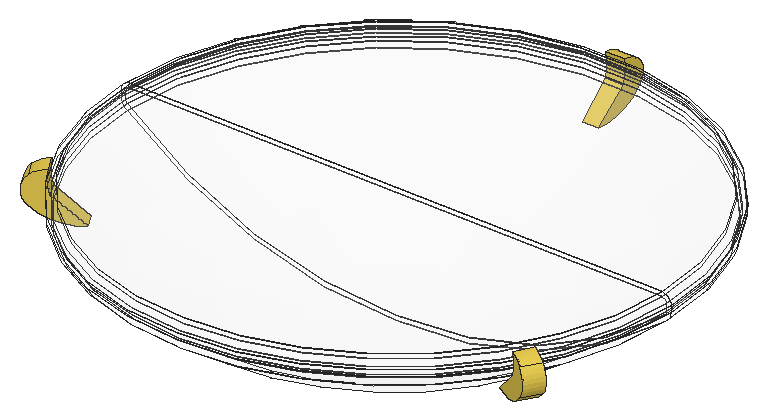
Revit family
Parameters (values of type "R300")
  Wattage = 80 W
  built-in parameter 1150110 = 1 (stored number, unit not read)
  built-in parameter 1114217 = 1 (stored number, unit not read)
  built-in parameter 1150109 = 1 (stored number, unit not read)
  built-in parameter 1150134 = 4
  built-in parameter 1150113 = 1 (stored number, unit not read)
  Manufacturer = ""
  built-in parameter 1150115 = 1 (stored number, unit not read)
  built-in parameter 1150105 = 305.58 (stored number, unit not read)
  Light Source Symbol Size = 609.6 mm
  built-in parameter 1150137 = (empty or 0)
  built-in parameter 1150139 = (empty or 0)
  built-in parameter 1150112 = 1 (stored number, unit not read)
  built-in parameter 1150114 = 1 (stored number, unit not read)
  Lamp = ""
  Model = ""
  Lumens = 960 lm
  Wattage Comments = "(4)20"
  반지름 = 300 mm
  조명 상자 재료1 = 흰색 유리
  built-in parameter 1150132 = (empty or 0)
  built-in parameter 1150102 = (empty or 0)
  built-in parameter 1150138 = (empty or 0)
  built-in parameter 1150107 = 2800 (stored number, unit not read)
  built-in parameter 1150106 = 3.0558 (stored number, unit not read)
  하드웨어 재료 = 황동 - 광택
  Emit from Circle Diameter = 2 * 반지름  # 600 mm
  Emit Shape Visible in Rendering = no
  built-in parameter 1150104 = 1.1148 (stored number, unit not read)
  Dimming Lamp Color Temperature Shift = (empty or 0)
  Color Filter = 16777215
  built-in parameter 1114218 = 1 (stored number, unit not read)
  built-in parameter 1150133 = 10 (stored number, unit not read)
Types (4, lengths in mm): name | 반지름 | Emit from Circle Diameter
  (no name) | 300 | 600
  R240 | 240 | 480
  R270 | 270 | 540
  R300 | 300 | 600
Reference planes
  plane 1 "광원 축": y = -54.666
  plane 2 "천장": z = 2438.4
  plane 3 "광원 축": x = -99.09
  plane 4 "조명원 높이값": z = 2378.4
  plane 5: through (83.122, 83.122, 0) normal (-0.7071, -0.7071, 0)
  plane 6: through (-236.878, -236.878, 0) normal (-0.7071, -0.7071, 0)
  plane 7: through (-182.212, 182.212, 0) normal (0.7071, -0.7071, 0)
  plane 8: through (137.788, -137.788, 0) normal (0.7071, -0.7071, 0)
  plane 9: z = 2424.4
Forms (mm)
  Revolve 1, solid, material "흰색 유리" <- "조명 상자 재료1"
    sketch origin (0, -54.666, 0) x (0, 0, -1) y (1, 0, 0)
      loop
        line (-2428.4, -399.09) -> (-2421.595, -399.09)
        arc (-2421.595, -399.09) -> (-2415.15, -397.379) -> (-2410.4, -392.698) r 13
        arc (-2410.4, -392.698) -> (-2333.676, -254.83) -> (-2308.4, -99.09) r 457.081
        line (-2308.4, -99.09) -> (-2313.401, -99.09)
        arc (-2313.401, -99.09) -> (-2339.258, -254.937) -> (-2417.16, -392.371) r 452.073
        arc (-2417.16, -392.371) -> (-2418.768, -393.638) -> (-2420.764, -394.09) r 4.639
        line (-2420.764, -394.09) -> (-2428.4, -394.09)
        arc (-2428.4, -394.09) -> (-2431.936, -392.625) -> (-2433.4, -389.09) r 5
        line (-2433.4, -389.09) -> (-2433.4, -99.09) -> (-2438.4, -99.09) -> (-2438.4, -389.09)
        arc (-2438.4, -389.09) -> (-2435.471, -396.161) -> (-2428.4, -399.09) r 10
      axis (-2438.4, -99.09) -> (-2308.4, -99.09)
    angle from 0 to 360
Lines and regions (mm)
  Opening 1
    outline origin (0, 0, 2438.4) x (1, 0, 0) y (0, 1, 0)
      loop
        circle (-99.09, -54.666) r 300
  sketch lines
    curve 1: line (-1623.09, 1469.334, 0) -> (1424.91, 1469.334, 0)
    curve 2: line (-1623.09, 1469.334, 0) -> (-1623.09, -1578.666, 0)
    curve 3: line (-1623.09, -1578.666, 0) -> (1424.91, -1578.666, 0)
    curve 4: line (1424.91, 1469.334, 0) -> (1424.91, -1578.666, 0)
  model lines
    curve 5: line (-311.222, 157.466, 2438.4) -> (-169.8, 16.045, 2438.4)
    curve 6: line (113.042, 157.466, 2438.4) -> (-28.379, 16.045, 2438.4)
    curve 7: arc (-181.957, 1.307, 2438.4) -> (-16.31, -110.769, 2438.4) -> (-181.781, 1.567, 2438.4) r 100
    curve 8: line (-28.379, -125.377, 2438.4) -> (113.042, -266.798, 2438.4)
    curve 9: arc (-399.09, -54.666, 2438.4) -> (-376.253, 60.139, 2438.4) -> (-311.222, 157.466, 2438.4) r 300
    curve 10: arc (200.91, -54.666, 2438.4) -> (178.074, -169.471, 2438.4) -> (113.042, -266.798, 2438.4) r 300
    curve 11: arc (-311.222, 157.466, 2438.4) -> (-99.09, 245.334, 2438.4) -> (113.042, 157.466, 2438.4) r 300
    curve 12: arc (113.042, 157.466, 2438.4) -> (178.074, 60.139, 2438.4) -> (200.91, -54.666, 2438.4) r 300
    curve 13: arc (-311.222, -266.798, 2438.4) -> (-376.253, -169.471, 2438.4) -> (-399.09, -54.666, 2438.4) r 300
    curve 14: arc (113.042, -266.798, 2438.4) -> (-99.09, -354.666, 2438.4) -> (-311.222, -266.798, 2438.4) r 300
    curve 15: line (-169.8, -125.377, 2438.4) -> (-311.222, -266.798, 2438.4)
Dimensions and locks
  equal spacing: curve 2, plane 3 "광원 축", curve 4
  equal spacing: curve 3, plane 1 "광원 축", curve 1
  curve 2 to curve 4 = 3048 mm
  curve 3 to curve 1 = 3048 mm
  equal spacing: plane 8, curve 6, plane 7
  equal spacing: plane 6, curve 5, plane 5
  equal spacing: plane 6, curve 8, plane 5
  equal spacing: plane 8, curve 15, plane 7
  "반지름": Revolve 1 sketch curve to plane 3 "광원 축"
  locked: plane 2 "천장" to plane 9 at 14
  aligned and locked: curve 9 to Revolve 1
  aligned and locked: curve 14 to Revolve 1
  aligned and locked: curve 12 to Revolve 1
  aligned and locked: Opening 1 sketch curve to Revolve 1
  aligned and locked: plane 3 "광원 축" to imposter light
  aligned and locked: plane 1 "광원 축" to imposter light
  aligned and locked: plane 4 "조명원 높이값" to imposter light
  aligned and locked: plane 3 "광원 축" to nested 1
  aligned and locked: plane 1 "광원 축" to nested 1
  aligned and locked: nested 1 to plane 9
Automatic sketch dimensions
  curve 11 to plane 1 "광원 축" = 0 mm
  curve 7 to plane 1 "광원 축" = 0 mm
  curve 7 to plane 3 "광원 축" = 0 mm
  plane 1 "광원 축" to curve 15 = 70.711 mm
  curve 5 to plane 1 "광원 축" = 70.711 mm
  curve 6 to plane 1 "광원 축" = 70.711 mm
  plane 1 "광원 축" to curve 8 = 70.711 mm
  Revolve 1 sketch curve to plane 3 "광원 축" = 0 mm  (x3)
  Revolve 1 sketch curve to plane 2 "천장" = 0 mm
  Revolve 1 sketch curve to Revolve 1 sketch curve = 20.732 mm
  Revolve 1 sketch curve to plane 3 "광원 축" = 5.744 mm
  Revolve 1 sketch curve to Revolve 1 sketch curve = 0 mm  (x2)
  Revolve 1 sketch curve to plane 2 "천장" = 5 mm
  Revolve 1 sketch curve to plane 2 "천장" = 10 mm
  Revolve 1 sketch curve to Revolve 1 sketch curve = 6.805 mm
  Revolve 1 sketch curve to Revolve 1 sketch curve = 0.831 mm
  Revolve 1 sketch curve to Revolve 1 sketch curve = 3.604 mm
  Revolve 1 sketch curve to Revolve 1 sketch curve = 6.76 mm
  Revolve 1 sketch curve to Revolve 1 sketch curve = 53.992 mm
  Revolve 1 sketch curve to Revolve 1 sketch curve = 66.007 mm
  Revolve 1 sketch curve to Revolve 1 sketch curve = 5.001 mm
  Revolve 1 sketch curve to Revolve 1 sketch curve = 1.391 mm
  Revolve 1 sketch curve to Revolve 1 sketch curve = 5 mm
  Revolve 1 sketch curve to Revolve 1 sketch curve = 1.718 mm
  radius of curve 7 = 100 mm
Nested families
  nested 1: "하드웨어" at (-99.09, -54.666, 2424.4), type "하드웨어"
Definition of nested family "하드웨어"
  Parameters (values of type "하드웨어")
    반지름 = 300 mm
    하드웨어 재료 = 황동 - 광택
    Assembly Code = ""
  Reference planes
    plane 1 "중심(앞/뒤)": y = 0
    plane 2: z = 0
    plane 3 "중심(왼쪽/오른쪽)": x = 0
  Forms (mm)
    Sweep 1, solid, material "황동 - 광택" <- "하드웨어 재료"
      path in 3D
        loop
          arc (-9.947, 299.835, 0) -> (0, 300, 0) -> (9.947, 299.835, 0) r 300
      profile origin (0, 300, 0) x (0, 1, 0) y (0, 0, 1)
        loop
          arc (-2.496, -12.345) -> (-18.649, -26.702) -> (-35.114, -40.7) r 983.782
          arc (-35.114, -40.7) -> (-7.415, -38.064) -> (16.488, -23.824) r 63.407
          arc (16.488, -23.824) -> (22.776, -8.707) -> (15.772, 6.093) r 20.163
          arc (15.772, 6.093) -> (7.722, 10.843) -> (-1.479, 12.495) r 26.445
          arc (-1.479, 12.495) -> (-0.165, 0) -> (-2.496, -12.345) r 43.271
    Sweep 2, solid, material "황동 - 광택" <- "하드웨어 재료"
      path in 3D
        loop
          arc (-264.638, -141.304, 0) -> (-259.808, -150, 0) -> (-254.692, -158.532, 0) r 300
      profile origin (-259.808, -150, 0) x (0.866025, 0.5, 0) y (0, 0, 1)
        loop
          arc (2.595, -12.345) -> (0.264, 0) -> (1.578, 12.495) r 43.271
          arc (1.578, 12.495) -> (-7.623, 10.843) -> (-15.674, 6.093) r 26.445
          arc (-15.674, 6.093) -> (-22.677, -8.707) -> (-16.389, -23.824) r 20.163
          arc (-16.389, -23.824) -> (7.514, -38.064) -> (35.213, -40.7) r 63.407
          arc (35.213, -40.7) -> (18.748, -26.702) -> (2.595, -12.345) r 983.782
    Sweep 3, solid, material "황동 - 광택" <- "하드웨어 재료"
      path in 3D
        loop
          arc (264.638, -141.304, 0) -> (259.808, -150, 0) -> (254.692, -158.532, 0) r 300
      profile origin (259.808, -150, 0) x (0.866025, -0.5, 0) y (0, 0, 1)
        loop
          arc (-2.595, -12.345) -> (-18.748, -26.702) -> (-35.213, -40.7) r 983.782
          arc (-35.213, -40.7) -> (-7.514, -38.064) -> (16.389, -23.824) r 63.407
          arc (16.389, -23.824) -> (22.677, -8.707) -> (15.674, 6.093) r 20.163
          arc (15.674, 6.093) -> (7.623, 10.843) -> (-1.578, 12.495) r 26.445
          arc (-1.578, 12.495) -> (-0.264, 0) -> (-2.595, -12.345) r 43.271
  Lines and regions (mm)
    model lines
      curve 1: arc (-9.947, 299.835, 0) -> (0, 300, 0) -> (9.947, 299.835, 0) r 300
    model lines, style "InvisibleLines"
      curve 2: line (9.947, 299.835, 0) -> (0, 0, 0)
      curve 3: line (-9.947, 299.835, 0) -> (0, 0, 0)
      curve 7: line (-264.638, -141.304, 0) -> (0, 0, 0)
      curve 8: line (0, 0, 0) -> (-254.692, -158.532, 0)
      curve 9: arc (264.638, -141.304, 0) -> (259.808, -150, 0) -> (254.692, -158.532, 0) r 300
      curve 10: line (0, 0, 0) -> (264.638, -141.304, 0)
      curve 11: line (254.692, -158.532, 0) -> (0, 0, 0)
    reference lines
      curve 4: line (0, 0, 0) -> (-25.981, -15, 0)
      curve 5: line (0, 0, 0) -> (25.981, -15, 0)
    model lines, style "GenericModel"
      curve 6: arc (-264.638, -141.304, 0) -> (-259.808, -150, 0) -> (-254.692, -158.532, 0) r 300
    sketch lines
      curve 12: arc (-9.947, 299.835, 0) -> (0, 300, 0) -> (9.947, 299.835, 0) r 300
      curve 13: arc (-264.638, -141.304, 0) -> (-259.808, -150, 0) -> (-254.692, -158.532, 0) r 300
      curve 14: arc (264.638, -141.304, 0) -> (259.808, -150, 0) -> (254.692, -158.532, 0) r 300
  Dimensions and locks
    "반지름": radius of curve 1
    "반지름": radius of curve 6
    "반지름": radius of curve 9
    locked: plane 3 "중심(왼쪽/오른쪽)" to curve 3 (angle 1.90°)
    locked: curve 2 to plane 3 "중심(왼쪽/오른쪽)" (angle 1.90°)
    locked: plane 1 "중심(앞/뒤)" to curve 4 (angle 30.00°)
    locked: curve 5 to plane 1 "중심(앞/뒤)" (angle 30.00°)
    locked: curve 7 to curve 4 (angle 1.90°)
    locked: curve 4 to curve 8 (angle 1.90°)
    locked: curve 5 to curve 10 (angle 1.90°)
    locked: curve 11 to curve 5 (angle 1.90°)
    aligned and locked: plane 1 "중심(앞/뒤)" to curve 1
    aligned and locked: plane 3 "중심(왼쪽/오른쪽)" to curve 1
    aligned and locked: plane 1 "중심(앞/뒤)" to curve 6
    aligned and locked: plane 3 "중심(왼쪽/오른쪽)" to curve 6
    aligned and locked: plane 3 "중심(왼쪽/오른쪽)" to curve 9
    aligned and locked: plane 1 "중심(앞/뒤)" to curve 9
  Automatic sketch dimensions
    curve 4 to plane 1 "중심(앞/뒤)" = 0 mm
    curve 4 to plane 3 "중심(왼쪽/오른쪽)" = 0 mm
    curve 11 to plane 1 "중심(앞/뒤)" = 0 mm
    curve 11 to plane 3 "중심(왼쪽/오른쪽)" = 0 mm
    profile plane to Sweep 1 sketch curve = 664.068 mm
    profile plane to Sweep 1 sketch curve = 43.4 mm
    Sweep 1 sketch curve to Sweep 1 sketch curve = 8.286 mm
    Sweep 1 sketch curve to Sweep 1 sketch curve = 16.276 mm
    Sweep 1 sketch curve to Sweep 1 sketch curve = 24.628 mm
    Sweep 1 sketch curve to Sweep 1 sketch curve = 1.017 mm
    Sweep 1 sketch curve to Sweep 1 sketch curve = 5.116 mm
    Sweep 1 sketch curve to Sweep 1 sketch curve = 17.251 mm
    Sweep 1 sketch curve to Sweep 1 sketch curve = 0 mm  (x2)
    Sweep 1 sketch curve to Sweep 1 sketch curve = 13.868 mm
    Sweep 1 sketch curve to profile plane = 40.7 mm
    Sweep 1 sketch curve to Sweep 1 sketch curve = 16.875 mm
    Sweep 1 sketch curve to Sweep 1 sketch curve = 1.605 mm
    profile plane to Sweep 2 sketch curve = 16.389 mm
    Sweep 2 sketch curve to Sweep 2 sketch curve = 0 mm  (x2)
    Sweep 2 sketch curve to Sweep 2 sketch curve = 0.715 mm
    Sweep 2 sketch curve to Sweep 2 sketch curve = 13.868 mm
    Sweep 2 sketch curve to Sweep 2 sketch curve = 17.251 mm
    Sweep 2 sketch curve to Sweep 2 sketch curve = 1.017 mm
    Sweep 2 sketch curve to Sweep 2 sketch curve = 25.646 mm
    Sweep 2 sketch curve to Sweep 2 sketch curve = 33.635 mm
    Sweep 2 sketch curve to Sweep 2 sketch curve = 16.276 mm
    Sweep 2 sketch curve to profile plane = 664.167 mm
    Sweep 2 sketch curve to profile plane = 40.7 mm
    Sweep 2 sketch curve to Sweep 2 sketch curve = 16.875 mm
    Sweep 2 sketch curve to Sweep 2 sketch curve = 1.605 mm
    profile plane to Sweep 3 sketch curve = 664.167 mm
    profile plane to Sweep 3 sketch curve = 1.771 mm
    profile plane to Sweep 3 sketch curve = 43.499 mm
    Sweep 3 sketch curve to Sweep 3 sketch curve = 8.286 mm
    profile plane to Sweep 3 sketch curve = 22.202 mm
    Sweep 3 sketch curve to Sweep 3 sketch curve = 16.276 mm
    Sweep 3 sketch curve to profile plane = 12.345 mm
    Sweep 3 sketch curve to Sweep 3 sketch curve = 24.628 mm
    profile plane to Sweep 3 sketch curve = 12.495 mm
    Sweep 3 sketch curve to Sweep 3 sketch curve = 5.116 mm
    profile plane to Sweep 3 sketch curve = 6.093 mm
    Sweep 3 sketch curve to Sweep 3 sketch curve = 17.251 mm
    Sweep 3 sketch curve to Sweep 3 sketch curve = 0 mm  (x2)
